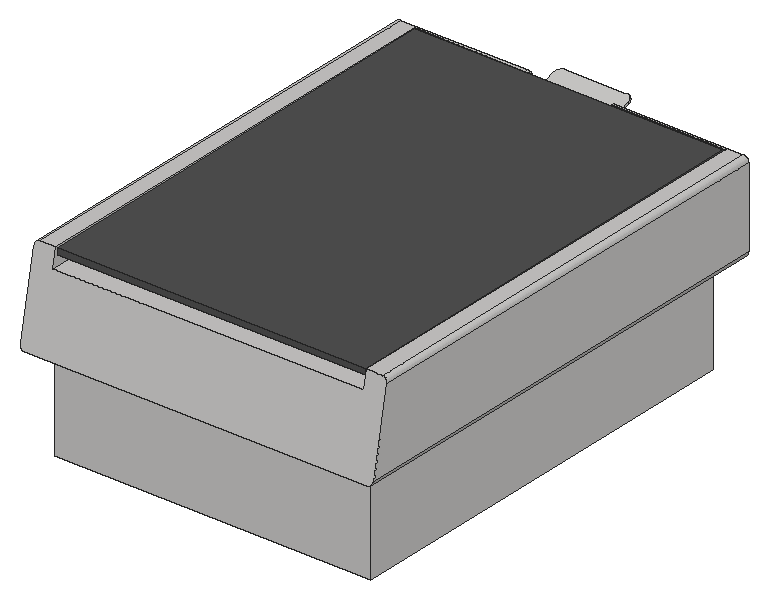
Revit family "PRD_FrankeWS_WstBns_EXOSHygieneWasteBin_EXOS611EX_611EB_611EW", category Specialty Equipment, host Face, Revit 2018
Family settings
  Host = Face
  Round Connector Dimension = Use Diameter
  Part Type = Normal
  OmniClass Number = 23.40.20.31.11
  OmniClass Title = Bins
  Cut with Voids When Loaded = No
  Shared = No
  Room Calculation Point = No
Parameters (values of type "EXOS611EB")
  WarrantyStartDate [instance] = "1900-12-31T23:59:59"
  WarrantyGuarantorParts = "n/a"
  WarrantyGuarantorLabor = "n/a"
  WarrantyDurationUnit = "year"
  WarrantyDurationParts = "n/a"
  WarrantyDurationLabor = "n/a"
  WarrantyDescription = "n/a"
  Version = "1"
  Uniclass2015Version = "Products v1.17"
  Uniclass2015Title = "Waste bins"
  Uniclass2015Code = "Pr_40_50_07_96"
  URL = "www.kwc.com"
  TypeOfMounting = "Recessed mounting"
  TypeOfFixing = "Screw"
  TailorMade = "No"
  TagNumber [instance] = "n/a"
  SustainabilityPerformance = "n/a"
  SurfaceTreatment = "InoxPlus (anti fingerprint)"
  Style = "Waste bin"
  Size = "234 x 332 x 125 mm"
  Shape = "n/a"
  SerialNumber [instance] = "n/a"
  Revision = "n/a"
  ReplacementCost = "n/a"
  ProductInformation = "https://pim.kwc.com/product/2030034631/attachment/datasheet?locale=en"
  PanelMaterial = PRD_AR_Glass_Black
  NominalWidth = 234.00 mm
  NominalHeight = 332.00 mm
  NominalDepth = 125.00 mm
  NetWeight = 5.85 kg
  Name = "Hygiene Waste Bin EXOS611EB"
  NBSTypeID = "n/a"
  NBSReference = "45-35-72/380"
  NBSOfficeMasterTag = "n/a"
  NBSNote = "n/a"
  NBSDescription = "Waste bins"
  NBSCertification = "n/a"
  ModelReference = "EXOS611EB"
  ModelNumber = "2030034631"
  Model = ModelReference  # "EXOS611EB"
  MaterialThickness = "1.20 mm"
  MaterialCode = "1.4301"
  Material = "stainless steel"
  ManufacturerURL = "www.kwc.com"
  ManufacturerName = "KWC Group AG"  # constant formula
  Manufacturer = ManufacturerName  # "KWC Group AG"
  MainColor = "stainless steel"
  Lock = "No lock"
  Lid = "Yes"
  IsBuiltIn = "TRUE"
  IntegralAccessories = "incl. mounting materials"
  InstallationDate [instance] = "1900-12-31T23:59:59"
  IfcExportType = "USERDEFINED"
  IfcExportAs = "IfcFurnitureType"
  GrossWeight = 6.85 kg
  Grade = "n/a"
  Finish = "satin finished"
  FillingVolume = "3.70 liter"
  Features = "stainless steel, surface satin finished"
  ExpectedLife = "n/a"
  DurationUnit = "year"
  DispenserMaterial = PRD_AR_StainlessSteel_SatinFinished
  Description = "Hygiene waste bin for recessed mounting, stainless steel with satin finish, black safety glass front panel and casing with InoxPlus surface refinement for the reduction of finger marks and better cleaning characteristics (easy to clean), material thickness 1.2 mm, capacity approx. 3.7 litres, hinged self-closing front, integrated plastic container for waste removal, includes mounting materials."
  Default Elevation = 600.00 mm
  CreatedOn = "05/2020"  # constant formula
  Constituents = "n/a"
  Color = "n/a"
  CodePerformance = "n/a"
  Category = "Pr_40_50_07_96, Waste bins"
  BarCode [instance] = "n/a"
  BagHolder = "No"
  BIMObjectName = "PRD_AR_WasteBins_EXOSHygieneWasteBin_EXOS611EB"
  Author = "Archispace"  # constant formula
  AssetType = "Fixed"
  AssetIdentifier [instance] = "n/a"
  AccessibilityPerformance = "n/a"
Types (3, lengths in mm): name | ProductInformation | PanelMaterial | NetWeight | Name | ModelReference | ModelNumber | Model | GrossWeight | Description | BIMObjectName
  EXOS611EX | "https://pim.kwc.com/product/2030034630/attachment/datasheet?locale=en" | PRD_AR_StainlessSteel_SatinFinished | 2.90 kg | "Hygiene Waste Bin EXOS611EX" | "EXOS611EX" | "2030034630" | "EXOS611EX" | 3.42 kg | "Hygiene waste bin for recessed mounting, stainless steel with satin finish and InoxPlus surface refinement for the reduction of finger marks and better cleaning characteristics (easy to clean), material thickness 1.2 mm, capacity approx. 3.7 litres, hinged self-closing front, integrated plastic container for waste removal, includes mounting materials." | "PRD_AR_WasteBins_EXOSHygieneWasteBin_EXOS611EX"
  EXOS611EB | "https://pim.kwc.com/product/2030034631/attachment/datasheet?locale=en" | PRD_AR_Glass_Black | 5.85 kg | "Hygiene Waste Bin EXOS611EB" | "EXOS611EB" | "2030034631" | "EXOS611EB" | 6.85 kg | "Hygiene waste bin for recessed mounting, stainless steel with satin finish, black safety glass front panel and casing with InoxPlus surface refinement for the reduction of finger marks and better cleaning characteristics (easy to clean), material thickness 1.2 mm, capacity approx. 3.7 litres, hinged self-closing front, integrated plastic container for waste removal, includes mounting materials." | "PRD_AR_WasteBins_EXOSHygieneWasteBin_EXOS611EB"
  EXOS611EW | "https://pim.kwc.com/product/2030034665/attachment/datasheet?locale=en" | PRD_AR_Glass_White | 5.85 kg | "Hygiene Waste Bin EXOS611EW" | "EXOS611EW" | "2030034665" | "EXOS611EW" | 6.85 kg | "Hygiene waste bin for recessed mounting, stainless steel with satin finish, white safety glass front panel and casing with InoxPlus surface refinement for the reduction of finger marks and better cleaning characteristics (easy to clean), material thickness 1.2 mm, capacity approx. 3.7 litres, hinged self-closing front, integrated plastic container for waste removal, includes mounting materials." | "PRD_AR_WasteBins_EXOSHygieneWasteBin_EXOS611EW"
Reference planes
  plane 1 "Center (Front/Back)": y = 0
  plane 2: z = 0
  plane 3 "Center (Left/Right)": x = 0
Dimensions and locks
  aligned and locked: plane 2 to host face
  aligned and locked: level to host face
Nested families
  nested 1: "EXOS611E" at (0, 0, -65), type "EXOS611E"
Definition of nested family "EXOS611E"
  Parameters (values of type "EXOS611E")
    Material = none
    FrontMaterial = none
  Reference planes
    plane 1 "Center (Front/Back)": y = 0
    plane 2: z = 0
    plane 3 "Center (Left/Right)": x = 0
    plane 4: through (0, 165.119, 115.932) normal (0, 0.342, -0.9397)
  Forms (mm)
    Extrusion 1, solid, material <- "Material", detail levels fine
      sketch origin (0, 0, 0) x (1, 0, 0) y (0, 0, 1)
        loop
          line (-113.5, 65) -> (113.5, 65)
          arc (113.5, 65) -> (115.975, 66.025) -> (117, 68.5) r 3.5
          line (117, 68.5) -> (117, 121.5)
          arc (117, 121.5) -> (115.975, 123.975) -> (113.5, 125) r 3.5
          line (113.5, 125) -> (-113.5, 125)
          arc (-113.5, 125) -> (-115.975, 123.975) -> (-117, 121.5) r 3.5
          line (-117, 121.5) -> (-117, 68.5)
          arc (-117, 68.5) -> (-115.975, 66.025) -> (-113.5, 65) r 3.5
      from -155.5 to 156
    Extrusion 2, void
      sketch origin (0, 0, 0) x (0, 1, 0) y (0, 0, 1)
        loop
          line (-156, 125) -> (-156, 65) -> (-143.143, 125) -> (-156, 125)
      from -150 to 150
    Extrusion 3, void
      sketch origin (0, 0, 0) x (1, 0, 0) y (0, 0, 1)
        loop
          line (103, 125) -> (-103, 125) -> (-103, 113.5) -> (103, 113.5) -> (103, 125)
      from -154 to 154.5
    Extrusion 4, solid, material <- "FrontMaterial", detail levels medium+fine
      sketch origin (0, 0, 0) x (1, 0, 0) y (0, 0, 1)
        loop
          line (-102, 121) -> (102, 121) -> (102, 125) -> (-102, 125) -> (-102, 121)
      from -153 to 143.143
    Extrusion 5, solid, material <- "Material"
      sketch origin (0, 0, 0) x (1, 0, 0) y (0, 1, 0)
        loop
          line (-104.5, 142) -> (-104.5, -142) -> (104.5, -142) -> (104.5, 142) -> (-104.5, 142)
      from 0 to 65
    Extrusion 6, void
      sketch origin (0, 0, 0) x (1, 0, 0) y (0, 0, 1)
        loop
          line (26, 116.5) -> (26, 122)
          arc (26, 122) -> (26.879, 124.121) -> (29, 125) r 3
          line (29, 125) -> (-29, 125)
          arc (-29, 125) -> (-26.879, 124.121) -> (-26, 122) r 3
          line (-26, 122) -> (-26, 116.5) -> (26, 116.5)
      from -154 to -155.5
    Extrusion 7, solid, material <- "Material", detail levels fine
      sketch origin (0, 0, 0) x (0, 1, 0) y (0, 0, 1)
        loop
          line (175.96, 118.601) -> (175.55, 119.729) -> (165.119, 115.932)
          arc (165.119, 115.932) -> (164.232, 115.796) -> (163.36, 116.009) r 2.3
          line (163.36, 116.009) -> (154.737, 120.03)
          arc (154.737, 120.03) -> (153.706, 120.38) -> (152.624, 120.499) r 5
          line (152.624, 120.499) -> (148.541, 120.499) -> (148.541, 119.299) -> (152.624, 119.299)
          arc (152.624, 119.299) -> (153.446, 119.208) -> (154.23, 118.942) r 3.8
          line (154.23, 118.942) -> (162.853, 114.921)
          arc (162.853, 114.921) -> (164.18, 114.597) -> (165.529, 114.804) r 3.5
          line (165.529, 114.804) -> (175.96, 118.601)
      from -25 to 25
    Extrusion 8, void
      sketch origin (0, 165.119, 115.932) x (0, -0.939693, -0.34202) y (-1, 0, 0)
        loop
          line (-11.1, 25) -> (-11.1, 20)
          arc (-11.1, 20) -> (-9.636, 23.536) -> (-6.1, 25) r 5
          line (-6.1, 25) -> (-11.1, 25)
        loop
          line (-11.1, -25) -> (-6.1, -25)
          arc (-6.1, -25) -> (-9.636, -23.536) -> (-11.1, -20) r 5
          line (-11.1, -20) -> (-11.1, -25)
      from -0.753 to 2.085
    Extrusion 9, solid, material <- "Material", detail levels medium
      sketch origin (0, 0, 0) x (1, 0, 0) y (0, 0, 1)
        loop
          line (-117, 65) -> (117, 65) -> (117, 125) -> (-117, 125) -> (-117, 65)
      from -155.5 to 156
    Extrusion 10, solid, material <- "Material", detail levels medium
      sketch origin (0, 0, 0) x (0, 1, 0) y (0, 0, 1)
        loop
          line (175.96, 118.601) -> (175.55, 119.729) -> (164.224, 115.606) -> (155.5, 119.674) -> (155.5, 118.35) -> (164.167, 114.309) -> (175.96, 118.601)
      from -25 to 25
    Extrusion 11, solid, material <- "Material", detail levels coarse
      sketch origin (0, 0, 0) x (1, 0, 0) y (0, 0, 1)
        loop
          line (-117, 65) -> (117, 65) -> (117, 125) -> (-117, 125) -> (-117, 65)
      from -155.5 to 156
    Extrusion 12, solid, material <- "Material", detail levels coarse
      sketch origin (0, 0, 0) x (0, 1, 0) y (0, 0, 1)
        loop
          line (175.96, 119.729) -> (155.5, 119.729) -> (155.5, 114.309) -> (175.96, 114.309) -> (175.96, 119.729)
      from -25 to 25
  Cuts and joins
    Extrusion 2, Extrusion 3, Extrusion 6 cuts Extrusion 1
    Extrusion 2 cuts Extrusion 4
    Extrusion 8 cuts Extrusion 7
    Extrusion 2, Extrusion 3 cuts Extrusion 9
    Extrusion 2 cuts Extrusion 11
    joined: Extrusion 11, Extrusion 12
  Dimensions and locks
    aligned and locked: level to plane 2
